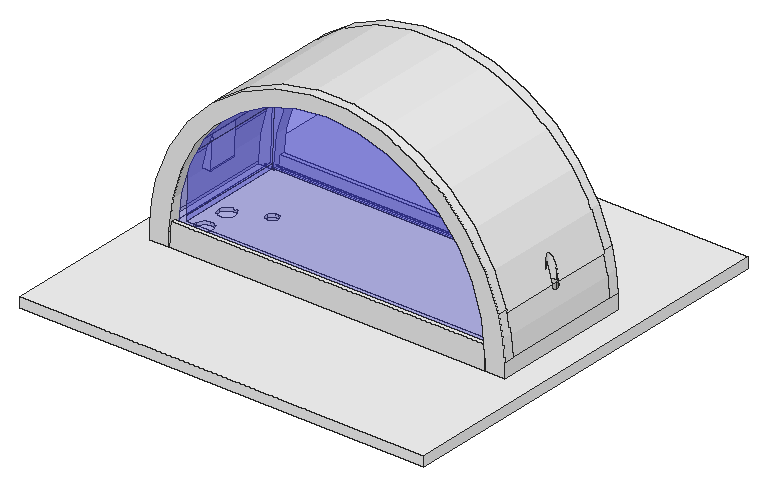
Revit family "BE_33344_de_DE", category Leuchten, Revit 2015
Parameters (values of type "BEGA_33344_Weiß_K4")
  built-in parameter 1150104 = 11.599 (stored number, unit not read)
  Wattage = 16.9 W
  Default Elevation = 0 mm
  built-in parameter 1150113 = 1 (stored number, unit not read)
  built-in parameter 1114218 = 1 (stored number, unit not read)
  Umgebungstemperatur = "25 °C"
  URL = "http://www.bega.de/produkt/33344"
  Typenkommentare = "© 2015 BEGA. Wir behalten uns das Recht vor, technische Änderungen ohne vorherige Ankündigung vorzunehmen."  # constant formula
  Type Image = 33344.png
  built-in parameter 1150134 = 12
  built-in parameter 1150109 = 1 (stored number, unit not read)
  Strom = ""
  built-in parameter 1150110 = 1 (stored number, unit not read)
  Spannung = 0 V
  Sonderanfertigung = no
  Seriennummer [instance] = "Hier können Sie die eindeutige Seriennummer für das Facility Management eintragen."
  Schutzklasse = "I"
  Schutzart = "IP 65"
  Scheinlast = 0 VA
  Produktdatenblatt = "http://www.bega.de/download/datenblaetter/de/33344.pdf"
  Neigungswinkel = 0.00°
  Modell = "33344WK4"
  Material_19 = BEGA_Dummy_matt
  Material_17 = BEGA_Reflektor
  Material_15 = BEGA_Leuchtmedium_matt
  Material_11 = BEGA_Glas_opal
  Material_06 = BEGA_Oberfläche_Edelstahl_gebürstet
  Material_03 = BEGA_Oberfläche_Weiss_matt
  Material_02 = BEGA_Oberfläche_Silber_matt
  Material_01 [instance] = BEGA_Oberfläche_Grafit_matt
  M_W = yes
  M_G = no
  M_A = no
  Logo = 0
  built-in parameter 1114217 = 1 (stored number, unit not read)
  built-in parameter 1150139 = (empty or 0)
  built-in parameter 1150105 = 167.91 (stored number, unit not read)
  built-in parameter 1150114 = 1 (stored number, unit not read)
  Lumens = 2109.96 lm
  built-in parameter 1150115 = 1 (stored number, unit not read)
  Leuchtenlichtstrom = "799 lm"
  Leuchtenanzahl = ""
  Lebensdauerkriterien = "L70 = 50.000 h"
  Lastklassifizierung = Beleuchtung
  built-in parameter 1150112 = 1 (stored number, unit not read)
  Lampenlichtstrom = "2110 lm"
  Lampe = "LED 16.9 W"
  LED_Modulbezeichnung = "LED-0403/840 "
  built-in parameter 1150142 = (empty or 0)
  Hersteller = "BEGA"  # constant formula
  Gewicht = "4.3 kg"
  Frequenz = "0/50-60 Hz"
  Farbwiedergabeindex = "Ra > 80"
  Farbtemperaturverschiebung bei Dämpfen der Lampe = <Keine Auswahl>
  Farbtemperatur = "4000 K"
  Color Filter = 16777215
  built-in parameter 1150133 = 10 (stored number, unit not read)
  Energieeffizienzklasse = "LED A++ - A"
  built-in parameter 1150137 = (empty or 0)
  built-in parameter 1150132 = (empty or 0)
  Dimmbar [instance] = "DALI"
  Datei für fotometrisches Netz = "BE_33344K4.IES"
  CE_Konformität = "ja"
  Bestellnummer = "33344WK4"
  Beschreibung_Sonderanfertigung = "Hier können Sie Informationen zur Sonderanfertigung eintragen."
  Beschreibung = "Wandleuchte"
  built-in parameter 1150106 = 1.6791 (stored number, unit not read)
  Befestigungsbohrung = "Ø 5,5 mm"
  Befestigungsabstand = "220 mm"
  BEGA_Intern_aus = yes
  BEGA_Intern_an = yes
  BEGA_Intern_Konstruktion = yes
  BEGA_Intern = yes
  BEGA_IES = yes
  BEGA_Dummy = no
  Anschlussleistung [instance] = "20 W"
  built-in parameter 1150107 = 4000 (stored number, unit not read)
  built-in parameter 1150102 = (empty or 0)
  built-in parameter 1150138 = (empty or 0)
  Aktualisierung = "2015-11-02T04:09:46"
  AC/DC = "AC/DC"
Types (7, lengths in mm): name | built-in parameter 1150104 | built-in parameter 1150134 | Modell | M_W | M_G | M_A | built-in parameter 1150105 | Lumens | Lampenlichtstrom | LED_Modulbezeichnung | Farbtemperatur | Datei für fotometrisches Netz | Bestellnummer | built-in parameter 1150106 | built-in parameter 1150107
  (no name) | 11.599 (stored number, unit not read) | 12 | "33344WK4" | yes | no | no | 167.91 (stored number, unit not read) | 2109.96 lm | "2110 lm" | "LED-0403/840 " | "4000 K" | "BE_33344K4.IES" | "33344WK4" | 1.6791 (stored number, unit not read) | 4000 (stored number, unit not read)
  BEGA_33344_Weiß_K3 | 10.775 (stored number, unit not read) | (empty or 0) | "33344W" | yes | no | no | 155.98 (stored number, unit not read) | 1960.06 lm | "1960 lm" | "LED-0403/830 " | "3000 K" | "BE_33344.IES" | "33344W" | 1.5598 (stored number, unit not read) | 3000 (stored number, unit not read)
  BEGA_33344_Weiß_K4 | 11.599 (stored number, unit not read) | 12 | "33344WK4" | yes | no | no | 167.91 (stored number, unit not read) | 2109.96 lm | "2110 lm" | "LED-0403/840 " | "4000 K" | "BE_33344K4.IES" | "33344WK4" | 1.6791 (stored number, unit not read) | 4000 (stored number, unit not read)
  BEGA_33344_Grafit_K3 | 10.775 (stored number, unit not read) | (empty or 0) | "33344" | no | yes | no | 155.98 (stored number, unit not read) | 1960.06 lm | "1960 lm" | "LED-0403/830 " | "3000 K" | "BE_33344.IES" | "33344" | 1.5598 (stored number, unit not read) | 3000 (stored number, unit not read)
  BEGA_33344_Silber_K3 | 10.775 (stored number, unit not read) | (empty or 0) | "33344A" | no | no | yes | 155.98 (stored number, unit not read) | 1960.06 lm | "1960 lm" | "LED-0403/830 " | "3000 K" | "BE_33344.IES" | "33344A" | 1.5598 (stored number, unit not read) | 3000 (stored number, unit not read)
  BEGA_33344_Grafit_K4 | 11.599 (stored number, unit not read) | 12 | "33344K4" | no | yes | no | 167.91 (stored number, unit not read) | 2109.96 lm | "2110 lm" | "LED-0403/840 " | "4000 K" | "BE_33344K4.IES" | "33344K4" | 1.6791 (stored number, unit not read) | 4000 (stored number, unit not read)
  BEGA_33344_Silber_K4 | 11.599 (stored number, unit not read) | 12 | "33344AK4" | no | no | yes | 167.91 (stored number, unit not read) | 2109.96 lm | "2110 lm" | "LED-0403/840 " | "4000 K" | "BE_33344K4.IES" | "33344AK4" | 1.6791 (stored number, unit not read) | 4000 (stored number, unit not read)
Reference planes
  plane 1 "Mitte (Vorne/Hinten)": y = 0
  plane 2: z = 0
  plane 3 "Mitte (Links/Rechts)": x = 0
  plane 4 "Links": x = -175.504
  plane 5 "Rechts": x = 175.504
  plane 6 "Unten": y = -70
  plane 7 "Oben": y = 70
  plane 8 "Vorne": z = 186.605
Forms (mm)
  Extrusion 1, solid, material "BEGA_Platte_Weiss"
    sketch origin (0, -1119.2, 0) x (1, 0, 0) y (0, 1, 0)
      loop
        line (-200, 1319.2) -> (-200, 919.2) -> (200, 919.2) -> (200, 1319.2) -> (-200, 1319.2)
    from 0 to -10
  Extrusion 2, solid, material "BEGA_Dummy_matt", visible <- "BEGA_Dummy"
    sketch origin (80.095, -76.023, 0) x (1, 0, 0) y (0, 1, 0)
      loop
        line (-255.599, 146.023) -> (-255.599, 6.023) -> (95.408, 6.023) -> (95.408, 146.023) -> (-255.599, 146.023)
    from 0 to 186.605
Dimensions and locks
  plane 1 "Mitte (Vorne/Hinten)" to Extrusion 1 = 200 mm
  aligned and locked: plane 2 to Extrusion 1
  aligned and locked: level to Extrusion 1
Nested families
  nested 1: "BE_33344_Wandleuchten zweiseitiger Lichtaustritt" at (0, 0, 0), type "BE_33344_Wandleuchten zweiseitiger Lichtaustritt"
    with BEGA_Infotext_Winkel no
Connectors
  electrical at (0, 0, 0), driven by "Lastklassifizierung", driven by "Spannung", driven by "Scheinlast"
    settings: index 1, voltage 0 V, apparent load 0 VA, apparent load phase1 0 VA, apparent load phase2 0 VA, apparent load phase3 0 VA, power factor 1, load classification "Beleuchtung", number of poles 1, system type 31, power factor state 1, is connector primary yes, connector utility no, sub classification motor no, connector description ""
Definition of nested family "BE_33344_Wandleuchten zweiseitiger Lichtaustritt"
  Parameters (values of type "BE_33344_Wandleuchten zweiseitiger Lichtaustritt")
    Default Elevation = 1 mm
    URL = "http://www.bega.de/de/produkt"
    Type Comments = "© 2015 BEGA. Wir behalten uns das Recht vor, technische Änderungen ohne vorherige Ankündigung vorzunehmen. "  # constant formula
    Type Image = Bega_Revit_Typenbild_78x78.png
    Material_19 = none
    Material_17 = none
    Material_15 = none
    Material_11 = none
    Material_09 = none
    Material_06 = none
    Material_03 = none
    Material_02 = none
    Material_01 = none
    M_W = yes
    M_G = yes
    M_A = yes
    Länge_Platte = 400 mm  # constant formula
    Höhe_Platte = -10 mm  # constant formula
    Manufacturer = "BEGA"  # constant formula
    Breite_Platte = 200 mm  # constant formula
    BEGA_Infotext_Winkel [instance] = no
    Aktualisierung = "Stand: 25.03.2015"  # constant formula
  Reference planes
    plane 1 "Mitte (Oben/Unten)": y = 0
    plane 2: z = 0
    plane 3 "Mitte (Links/Rechts)": x = 0
    plane 4 "Oben": y = 70
    plane 5 "Unten": y = -70
    plane 6: x = 175.504
    plane 7: x = -175.504
    plane 8: z = 186.605
  Forms (mm)
    Extrusion 1, solid, detail levels medium
      sketch origin (0, 0, 0) x (1, 0, 0) y (0, 1, 0)
        loop
          line (-200, 100) -> (-200, -100) -> (200, -100) -> (200, 100) -> (-200, 100)
      from 0 to -10 <- "Höhe_Platte"
    Extrusion 2, solid, material <- "Material_01", visible <- "M_G", detail levels medium+fine
      sketch origin (0, 0, 0) x (0, 1, 0) y (0, 0, 1)
        loop
          line (70, 2.5) -> (69.398, 25.5) -> (65.002, 25.5) -> (64.601, 14) -> (-64.601, 14) -> (-65.002, 25.5) -> (-69.398, 25.5) -> (-70, 2.5) -> (-67.4, 2.5) -> (-66.908, 9.54)
          arc (-66.908, 9.54) -> (-66.277, 10.863) -> (-64.913, 11.4) r 2
          line (-64.913, 11.4) -> (64.913, 11.4)
          arc (64.913, 11.4) -> (66.277, 10.863) -> (66.908, 9.54) r 2
          line (66.908, 9.54) -> (67.4, 2.5) -> (70, 2.5)
      from -171.7 to 171.7
    Extrusion 3, void
      sketch origin (0, 0, 0) x (1, 0, 0) y (0, 1, 0)
        loop
          line (-156.214, -66.21) -> (-171.7, -66.21) -> (-171.7, -70) -> (-156.214, -70) -> (-156.214, -66.21)
      from 2.5 to 27
    Extrusion 4, void
      sketch origin (0, 0, 0) x (1, 0, 0) y (0, 1, 0)
        loop
          line (-156.214, 66.21) -> (-156.214, 70) -> (-171.7, 70) -> (-171.7, 66.21) -> (-156.214, 66.21)
      from 2.5 to 27
    Extrusion 5, void
      sketch origin (0, 0, 0) x (-1, 0, 0) y (0, -1, 0)
        loop
          line (-156.214, 66.21) -> (-156.214, 70) -> (-171.7, 70) -> (-171.7, 66.21) -> (-156.214, 66.21)
      from 2.5 to 27
    Extrusion 6, void
      sketch origin (0, 0, 0) x (-1, 0, 0) y (0, -1, 0)
        loop
          line (-156.214, -66.21) -> (-171.7, -66.21) -> (-171.7, -70) -> (-156.214, -70) -> (-156.214, -66.21)
      from 2.5 to 27
    Revolve 7, solid, material <- "Material_01", visible <- "M_G", detail levels medium+fine
      sketch origin (0, 0, 0) x (1, 0, 0) y (0, 0, 1)
        loop
          arc (-118.31, 1.82) -> (-117.668, 0.524) -> (-116.319, 0) r 1.999
          line (-116.319, 0) -> (-112.75, 0) -> (-112.82, 4) -> (-115.5, 4) -> (-115.758, 11.4) -> (-119.147, 11.4) -> (-118.31, 1.82)
        axis (-110, 0) -> (-110, 11.4)
      angle from 0 to 360
    Revolve 8, void
      sketch origin (0, 0, 0) x (1, 0, 0) y (0, 0, 1)
        loop
          line (-110, 14) -> (-115.849, 14) -> (-115.758, 11.4) -> (-110, 11.4) -> (-110, 14)
        axis (-110, 11.4) -> (-110, 14)
      angle from 0 to 360
    Revolve 9, solid, material <- "Material_01", visible <- "M_G", detail levels medium+fine
      sketch origin (0, 0, 0) x (-1, 0, 0) y (0, 0, 1)
        loop
          arc (-118.31, 1.82) -> (-117.668, 0.524) -> (-116.319, 0) r 1.999
          line (-116.319, 0) -> (-112.75, 0) -> (-112.82, 4) -> (-115.5, 4) -> (-115.758, 11.4) -> (-119.147, 11.4) -> (-118.31, 1.82)
        axis (-110, 0) -> (-110, 11.4)
      angle from 0 to 360
    Revolve 10, void
      sketch origin (0, 0, 0) x (-1, 0, 0) y (0, 0, 1)
        loop
          line (-110, 14) -> (-115.849, 14) -> (-115.758, 11.4) -> (-110, 11.4) -> (-110, 14)
        axis (-110, 11.4) -> (-110, 14)
      angle from 0 to 360
    Extrusion 11, solid, material <- "Material_01", visible <- "M_G", detail levels medium+fine
      sketch origin (0, 0, 0) x (1, 0, 0) y (0, 1, 0)
        loop
          circle (-120, 50) r 4
        loop
          circle (-120, -50) r 4
        loop
          circle (120, 50) r 4
        loop
          circle (120, -50) r 4
      from 0 to 11.4
    Extrusion 12, void
      sketch origin (0, 0, 0) x (1, 0, 0) y (0, 1, 0)
        loop
          circle (-142, -16) r 8.5
        loop
          circle (-142, -44) r 8.5
      from 10.613 to 14.713
    Extrusion 13, solid, material <- "Material_01", visible <- "M_G", detail levels medium+fine
      sketch origin (0, 0, 0) x (1, 0, 0) y (0, 0, 1)
        loop
          arc (-175.14, 15.991) -> (-173.63, 34.808) -> (-170.104, 53.354) r 175.2
          arc (-170.104, 53.354) -> (-0.505, 186.605) -> (169.859, 54.334) r 175.2
          arc (169.859, 54.334) -> (173.566, 35.28) -> (175.141, 15.932) r 175.2
          line (175.141, 15.932) -> (175.504, 2.105) -> (172.703, 2.105) -> (172.341, 15.918)
          arc (172.341, 15.918) -> (170.342, 37.964) -> (165.535, 59.572) r 172.4
          arc (165.535, 59.572) -> (103.437, 149.327) -> (-0.116, 183.805) r 172.4
          arc (-0.116, 183.805) -> (-102.07, 150.342) -> (-164.481, 63.055) r 172.4
          arc (-164.481, 63.055) -> (-170.052, 39.76) -> (-172.341, 15.918) r 172.4
          line (-172.341, 15.918) -> (-172.703, 2.105) -> (-175.504, 2.105) -> (-175.14, 15.991)
      from -59.749 to 59.749
    Extrusion 14, solid, material <- "Material_01", visible <- "M_G", detail levels medium+fine
      sketch origin (0, 0, 0) x (1, 0, 0) y (0, 0, 1)
        loop
          line (-175.504, 2.105) -> (-156.214, 2.105) -> (-156.214, 15.991)
          arc (-156.214, 15.991) -> (-110.46, 126.451) -> (0, 172.205) r 156.214
          arc (0, 172.205) -> (110.46, 126.451) -> (156.214, 15.991) r 156.214
          line (156.214, 15.991) -> (156.214, 2.105) -> (175.504, 2.105) -> (175.141, 15.932)
          arc (175.141, 15.932) -> (173.421, 36.312) -> (169.336, 56.352) r 175.2
          arc (169.336, 56.352) -> (0.508, 186.605) -> (-169.073, 57.333) r 175.2
          arc (-169.073, 57.333) -> (-173.343, 36.844) -> (-175.14, 15.991) r 175.2
          line (-175.14, 15.991) -> (-175.504, 2.105)
      from 59.749 to 69.93
    Extrusion 15, solid, material <- "Material_01", visible <- "M_G", detail levels medium+fine
      sketch origin (0, 0, 0) x (1, 0, 0) y (0, 0, -1)
        loop
          line (-175.504, -2.105) -> (-175.14, -15.991)
          arc (-175.14, -15.991) -> (-173.343, -36.844) -> (-169.073, -57.333) r 175.2
          arc (-169.073, -57.333) -> (0.508, -186.605) -> (169.336, -56.352) r 175.2
          arc (169.336, -56.352) -> (173.421, -36.312) -> (175.141, -15.932) r 175.2
          line (175.141, -15.932) -> (175.504, -2.105) -> (156.214, -2.105) -> (156.214, -15.991)
          arc (156.214, -15.991) -> (110.46, -126.451) -> (0, -172.205) r 156.214
          arc (0, -172.205) -> (-110.46, -126.451) -> (-156.214, -15.991) r 156.214
          line (-156.214, -15.991) -> (-156.214, -2.105) -> (-175.504, -2.105)
      from 59.749 to 69.93
    Extrusion 16, solid, material <- "Material_01", visible <- "M_G", detail levels medium+fine
      sketch origin (0, 0, 0) x (1, 0, 0) y (0, 0, 1)
        loop
          arc (-160.466, 43.905) -> (-159.77, 44.187) -> (-159.466, 44.873) r 1
          line (-159.466, 44.873) -> (-158.246, 79.816)
          arc (-158.246, 79.816) -> (-164.759, 62.163) -> (-169.309, 43.905) r 172.4
          line (-169.309, 43.905) -> (-160.466, 43.905)
      from -14 to 14
    Extrusion 17, solid, material <- "Material_01", visible <- "M_G", detail levels medium+fine
      sketch origin (0, 0, 0) x (-1, 0, 0) y (0, 0, -1)
        loop
          line (-160.466, -43.905) -> (-169.309, -43.905)
          arc (-169.309, -43.905) -> (-164.759, -62.163) -> (-158.246, -79.816) r 172.4
          line (-158.246, -79.816) -> (-159.466, -44.873)
          arc (-159.466, -44.873) -> (-159.77, -44.187) -> (-160.466, -43.905) r 1
      from -14 to 14
    Extrusion 18, void
      sketch origin (0, 0, 0) x (1, 0, 0) y (0, 1, 0)
        loop
          arc (-166.499, -4.55) -> (-161.95, 0.001) -> (-166.5, 4.55) r 4.55
          line (-166.5, 4.55) -> (-172.979, 4.55) -> (-172.979, -4.568) -> (-166.499, -4.55)
      from 49.905 to 84.081
    Extrusion 19, void
      sketch origin (0, 0, 0) x (-1, 0, 0) y (0, -1, 0)
        loop
          line (-166.499, 4.55) -> (-172.979, 4.568) -> (-172.979, -4.55) -> (-166.5, -4.55)
          arc (-166.5, -4.55) -> (-161.95, -0.001) -> (-166.499, 4.55) r 4.55
      from 49.905 to 84.081
    Extrusion 20, solid
      sketch origin (0, 0, 0) x (1, 0, 0) y (0, 1, 0)
        loop
          circle (-166.5, 0) r 4.25
      from 49.905 to 54.905
    Extrusion 21, solid, material <- "Material_06", detail levels fine
      sketch origin (0, 0, 0) x (-1, 0, 0) y (0, -1, 0)
        loop
          circle (-166.5, 0) r 4.25
      from 49.905 to 54.905
    Extrusion 22, solid, material <- "Material_11", detail levels medium+fine
      sketch origin (0, 0, 0) x (1, 0, 0) y (0, 0, 1)
        loop
          line (150.404, 77.486) -> (152.34, 23.805) -> (152.34, 18.805) -> (159.239, 18.805) -> (157.089, 78.4)
          arc (157.089, 78.4) -> (0, 182.305) -> (-157.089, 78.4) r 170.7
          line (-157.089, 78.4) -> (-159.239, 18.805) -> (-152.34, 18.805) -> (-152.34, 23.805) -> (-150.404, 77.486)
          arc (-150.404, 77.486) -> (0, 175.805) -> (150.404, 77.486) r 164.2
      from -52.808 to 52.719
    Extrusion 23, solid, material <- "Material_11", detail levels medium+fine
      sketch origin (0, 0, 0) x (1, 0, 0) y (0, 0, 1)
        loop
          arc (157.089, 78.4) -> (0, 182.305) -> (-157.089, 78.4) r 170.7
          line (-157.089, 78.4) -> (-159.239, 18.805) -> (159.239, 18.805) -> (157.089, 78.4)
      from 52.719 to 59.749
    Extrusion 24, solid, material <- "Material_11", detail levels medium+fine
      sketch origin (0, 0, 0) x (1, 0, 0) y (0, 0, -1)
        loop
          line (157.089, -78.4) -> (159.239, -18.805) -> (-159.239, -18.805) -> (-157.089, -78.4)
          arc (-157.089, -78.4) -> (0, -182.305) -> (157.089, -78.4) r 170.7
      from 52.808 to 59.749
    Extrusion 25, solid, material <- "Material_02", visible <- "M_A", detail levels medium+fine
      sketch origin (0, 0, 0) x (1, 0, 0) y (0, 0, 1)
        loop
          arc (-175.14, 15.991) -> (-173.63, 34.808) -> (-170.104, 53.354) r 175.2
          arc (-170.104, 53.354) -> (-0.505, 186.605) -> (169.859, 54.334) r 175.2
          arc (169.859, 54.334) -> (173.566, 35.28) -> (175.141, 15.932) r 175.2
          line (175.141, 15.932) -> (175.504, 2.105) -> (172.703, 2.105) -> (172.341, 15.918)
          arc (172.341, 15.918) -> (170.342, 37.964) -> (165.535, 59.572) r 172.4
          arc (165.535, 59.572) -> (103.437, 149.327) -> (-0.116, 183.805) r 172.4
          arc (-0.116, 183.805) -> (-102.07, 150.342) -> (-164.481, 63.055) r 172.4
          arc (-164.481, 63.055) -> (-170.052, 39.76) -> (-172.341, 15.918) r 172.4
          line (-172.341, 15.918) -> (-172.703, 2.105) -> (-175.504, 2.105) -> (-175.14, 15.991)
      from -59.749 to 59.749
    Extrusion 26, solid, material <- "Material_02", visible <- "M_A", detail levels medium+fine
      sketch origin (0, 0, 0) x (1, 0, 0) y (0, 0, 1)
        loop
          line (-175.504, 2.105) -> (-156.214, 2.105) -> (-156.214, 15.991)
          arc (-156.214, 15.991) -> (-110.46, 126.451) -> (0, 172.205) r 156.214
          arc (0, 172.205) -> (110.46, 126.451) -> (156.214, 15.991) r 156.214
          line (156.214, 15.991) -> (156.214, 2.105) -> (175.504, 2.105) -> (175.141, 15.932)
          arc (175.141, 15.932) -> (173.421, 36.312) -> (169.336, 56.352) r 175.2
          arc (169.336, 56.352) -> (0.508, 186.605) -> (-169.073, 57.333) r 175.2
          arc (-169.073, 57.333) -> (-173.343, 36.844) -> (-175.14, 15.991) r 175.2
          line (-175.14, 15.991) -> (-175.504, 2.105)
      from 59.749 to 69.93
    Extrusion 27, solid, material <- "Material_02", visible <- "M_A", detail levels medium+fine
      sketch origin (0, 0, 0) x (1, 0, 0) y (0, 0, -1)
        loop
          line (-175.504, -2.105) -> (-175.14, -15.991)
          arc (-175.14, -15.991) -> (-173.343, -36.844) -> (-169.073, -57.333) r 175.2
          arc (-169.073, -57.333) -> (0.508, -186.605) -> (169.336, -56.352) r 175.2
          arc (169.336, -56.352) -> (173.421, -36.312) -> (175.141, -15.932) r 175.2
          line (175.141, -15.932) -> (175.504, -2.105) -> (156.214, -2.105) -> (156.214, -15.991)
          arc (156.214, -15.991) -> (110.46, -126.451) -> (0, -172.205) r 156.214
          arc (0, -172.205) -> (-110.46, -126.451) -> (-156.214, -15.991) r 156.214
          line (-156.214, -15.991) -> (-156.214, -2.105) -> (-175.504, -2.105)
      from 59.749 to 69.93
    Extrusion 28, solid, material <- "Material_02", visible <- "M_A", detail levels medium+fine
      sketch origin (0, 0, 0) x (1, 0, 0) y (0, 0, 1)
        loop
          arc (-160.466, 43.905) -> (-159.77, 44.187) -> (-159.466, 44.873) r 1
          line (-159.466, 44.873) -> (-158.246, 79.816)
          arc (-158.246, 79.816) -> (-164.759, 62.163) -> (-169.309, 43.905) r 172.4
          line (-169.309, 43.905) -> (-160.466, 43.905)
      from -14 to 14
    Extrusion 29, solid, material <- "Material_02", visible <- "M_A", detail levels medium+fine
      sketch origin (0, 0, 0) x (-1, 0, 0) y (0, 0, -1)
        loop
          line (-160.466, -43.905) -> (-169.309, -43.905)
          arc (-169.309, -43.905) -> (-164.759, -62.163) -> (-158.246, -79.816) r 172.4
          line (-158.246, -79.816) -> (-159.466, -44.873)
          arc (-159.466, -44.873) -> (-159.77, -44.187) -> (-160.466, -43.905) r 1
      from -14 to 14
    Extrusion 30, solid, material <- "Material_03", visible <- "M_W", detail levels medium+fine
      sketch origin (0, 0, 0) x (1, 0, 0) y (0, 0, 1)
        loop
          arc (-175.14, 15.991) -> (-173.63, 34.808) -> (-170.104, 53.354) r 175.2
          arc (-170.104, 53.354) -> (-0.505, 186.605) -> (169.859, 54.334) r 175.2
          arc (169.859, 54.334) -> (173.566, 35.28) -> (175.141, 15.932) r 175.2
          line (175.141, 15.932) -> (175.504, 2.105) -> (172.703, 2.105) -> (172.341, 15.918)
          arc (172.341, 15.918) -> (170.342, 37.964) -> (165.535, 59.572) r 172.4
          arc (165.535, 59.572) -> (103.437, 149.327) -> (-0.116, 183.805) r 172.4
          arc (-0.116, 183.805) -> (-102.07, 150.342) -> (-164.481, 63.055) r 172.4
          arc (-164.481, 63.055) -> (-170.052, 39.76) -> (-172.341, 15.918) r 172.4
          line (-172.341, 15.918) -> (-172.703, 2.105) -> (-175.504, 2.105) -> (-175.14, 15.991)
      from -59.749 to 59.749
    Extrusion 31, solid, material <- "Material_03", visible <- "M_W", detail levels medium+fine
      sketch origin (0, 0, 0) x (1, 0, 0) y (0, 0, 1)
        loop
          line (-175.504, 2.105) -> (-156.214, 2.105) -> (-156.214, 15.991)
          arc (-156.214, 15.991) -> (-110.46, 126.451) -> (0, 172.205) r 156.214
          arc (0, 172.205) -> (110.46, 126.451) -> (156.214, 15.991) r 156.214
          line (156.214, 15.991) -> (156.214, 2.105) -> (175.504, 2.105) -> (175.141, 15.932)
          arc (175.141, 15.932) -> (173.421, 36.312) -> (169.336, 56.352) r 175.2
          arc (169.336, 56.352) -> (0.508, 186.605) -> (-169.073, 57.333) r 175.2
          arc (-169.073, 57.333) -> (-173.343, 36.844) -> (-175.14, 15.991) r 175.2
          line (-175.14, 15.991) -> (-175.504, 2.105)
      from 59.749 to 69.93
    Extrusion 32, solid, material <- "Material_03", visible <- "M_W", detail levels medium+fine
      sketch origin (0, 0, 0) x (1, 0, 0) y (0, 0, -1)
        loop
          line (-175.504, -2.105) -> (-175.14, -15.991)
          arc (-175.14, -15.991) -> (-173.343, -36.844) -> (-169.073, -57.333) r 175.2
          arc (-169.073, -57.333) -> (0.508, -186.605) -> (169.336, -56.352) r 175.2
          arc (169.336, -56.352) -> (173.421, -36.312) -> (175.141, -15.932) r 175.2
          line (175.141, -15.932) -> (175.504, -2.105) -> (156.214, -2.105) -> (156.214, -15.991)
          arc (156.214, -15.991) -> (110.46, -126.451) -> (0, -172.205) r 156.214
          arc (0, -172.205) -> (-110.46, -126.451) -> (-156.214, -15.991) r 156.214
          line (-156.214, -15.991) -> (-156.214, -2.105) -> (-175.504, -2.105)
      from 59.749 to 69.93
    Extrusion 33, solid, material <- "Material_03", visible <- "M_W", detail levels medium+fine
      sketch origin (0, 0, 0) x (1, 0, 0) y (0, 0, 1)
        loop
          arc (-160.466, 43.905) -> (-159.77, 44.187) -> (-159.466, 44.873) r 1
          line (-159.466, 44.873) -> (-158.246, 79.816)
          arc (-158.246, 79.816) -> (-164.759, 62.163) -> (-169.309, 43.905) r 172.4
          line (-169.309, 43.905) -> (-160.466, 43.905)
      from -14 to 14
    Extrusion 34, solid, material <- "Material_03", visible <- "M_W", detail levels medium+fine
      sketch origin (0, 0, 0) x (-1, 0, 0) y (0, 0, -1)
        loop
          line (-160.466, -43.905) -> (-169.309, -43.905)
          arc (-169.309, -43.905) -> (-164.759, -62.163) -> (-158.246, -79.816) r 172.4
          line (-158.246, -79.816) -> (-159.466, -44.873)
          arc (-159.466, -44.873) -> (-159.77, -44.187) -> (-160.466, -43.905) r 1
      from -14 to 14
    Extrusion 35, solid, material <- "Material_02", visible <- "M_A", detail levels medium+fine
      sketch origin (0, 0, 0) x (0, 1, 0) y (0, 0, 1)
        loop
          line (70, 2.5) -> (69.398, 25.5) -> (65.002, 25.5) -> (64.601, 14) -> (-64.601, 14) -> (-65.002, 25.5) -> (-69.398, 25.5) -> (-70, 2.5) -> (-67.4, 2.5) -> (-66.908, 9.54)
          arc (-66.908, 9.54) -> (-66.277, 10.863) -> (-64.913, 11.4) r 2
          line (-64.913, 11.4) -> (64.913, 11.4)
          arc (64.913, 11.4) -> (66.277, 10.863) -> (66.908, 9.54) r 2
          line (66.908, 9.54) -> (67.4, 2.5) -> (70, 2.5)
      from -171.7 to 171.7
    Revolve 36, solid, material <- "Material_02", visible <- "M_A", detail levels medium+fine
      sketch origin (0, 0, 0) x (1, 0, 0) y (0, 0, 1)
        loop
          arc (-118.31, 1.82) -> (-117.668, 0.524) -> (-116.319, 0) r 1.999
          line (-116.319, 0) -> (-112.75, 0) -> (-112.82, 4) -> (-115.5, 4) -> (-115.758, 11.4) -> (-119.147, 11.4) -> (-118.31, 1.82)
        axis (-110, 0) -> (-110, 11.4)
      angle from 0 to 360
    Revolve 37, solid, material <- "Material_02", visible <- "M_A", detail levels medium+fine
      sketch origin (0, 0, 0) x (-1, 0, 0) y (0, 0, 1)
        loop
          arc (-118.31, 1.82) -> (-117.668, 0.524) -> (-116.319, 0) r 1.999
          line (-116.319, 0) -> (-112.75, 0) -> (-112.82, 4) -> (-115.5, 4) -> (-115.758, 11.4) -> (-119.147, 11.4) -> (-118.31, 1.82)
        axis (-110, 0) -> (-110, 11.4)
      angle from 0 to 360
    Extrusion 38, solid, material <- "Material_02", visible <- "M_A", detail levels medium+fine
      sketch origin (0, 0, 0) x (1, 0, 0) y (0, 1, 0)
        loop
          circle (-120, 50) r 4
        loop
          circle (-120, -50) r 4
        loop
          circle (120, 50) r 4
        loop
          circle (120, -50) r 4
      from 0 to 11.4
    Extrusion 39, solid, material <- "Material_03", visible <- "M_W", detail levels medium+fine
      sketch origin (0, 0, 0) x (0, 1, 0) y (0, 0, 1)
        loop
          line (70, 2.5) -> (69.398, 25.5) -> (65.002, 25.5) -> (64.601, 14) -> (-64.601, 14) -> (-65.002, 25.5) -> (-69.398, 25.5) -> (-70, 2.5) -> (-67.4, 2.5) -> (-66.908, 9.54)
          arc (-66.908, 9.54) -> (-66.277, 10.863) -> (-64.913, 11.4) r 2
          line (-64.913, 11.4) -> (64.913, 11.4)
          arc (64.913, 11.4) -> (66.277, 10.863) -> (66.908, 9.54) r 2
          line (66.908, 9.54) -> (67.4, 2.5) -> (70, 2.5)
      from -171.7 to 171.7
    Revolve 40, solid, material <- "Material_03", visible <- "M_W", detail levels medium+fine
      sketch origin (0, 0, 0) x (1, 0, 0) y (0, 0, 1)
        loop
          arc (-118.31, 1.82) -> (-117.668, 0.524) -> (-116.319, 0) r 1.999
          line (-116.319, 0) -> (-112.75, 0) -> (-112.82, 4) -> (-115.5, 4) -> (-115.758, 11.4) -> (-119.147, 11.4) -> (-118.31, 1.82)
        axis (-110, 0) -> (-110, 11.4)
      angle from 0 to 360
    Revolve 41, solid, material <- "Material_03", visible <- "M_W", detail levels medium+fine
      sketch origin (0, 0, 0) x (-1, 0, 0) y (0, 0, 1)
        loop
          arc (-118.31, 1.82) -> (-117.668, 0.524) -> (-116.319, 0) r 1.999
          line (-116.319, 0) -> (-112.75, 0) -> (-112.82, 4) -> (-115.5, 4) -> (-115.758, 11.4) -> (-119.147, 11.4) -> (-118.31, 1.82)
        axis (-110, 0) -> (-110, 11.4)
      angle from 0 to 360
    Extrusion 42, solid, material <- "Material_03", visible <- "M_W", detail levels medium+fine
      sketch origin (0, 0, 0) x (1, 0, 0) y (0, 1, 0)
        loop
          circle (-120, 50) r 4
        loop
          circle (-120, -50) r 4
        loop
          circle (120, 50) r 4
        loop
          circle (120, -50) r 4
      from 0 to 11.4
  Cuts and joins
    Extrusion 3, Extrusion 4, Extrusion 5, Extrusion 6, Revolve 8, Revolve 10, Extrusion 12, Extrusion 18 cuts Extrusion 2
    Revolve 8, Revolve 10, Extrusion 12, Extrusion 18 cuts Revolve 7
    Extrusion 12, Extrusion 18 cuts Revolve 9
    Extrusion 12, Extrusion 18 cuts Extrusion 11
    joined: Extrusion 2, Revolve 7, Revolve 9, Extrusion 11
    Extrusion 18, Extrusion 19 cuts Extrusion 13
    Extrusion 18, Extrusion 19 cuts Extrusion 14
    Extrusion 18, Extrusion 19 cuts Extrusion 15
    Extrusion 18, Extrusion 19 cuts Extrusion 16
    Extrusion 18, Extrusion 19 cuts Extrusion 17
    joined: Extrusion 13, Extrusion 14, Extrusion 15, Extrusion 16, Extrusion 17
    joined: Extrusion 22, Extrusion 23, Extrusion 24
    Extrusion 18, Extrusion 19 cuts Extrusion 25
    Extrusion 19 cuts Extrusion 29
    joined: Extrusion 25, Extrusion 26, Extrusion 27, Extrusion 29
    Extrusion 18 cuts Extrusion 28
    Extrusion 18, Extrusion 19 cuts Extrusion 30
    Extrusion 19 cuts Extrusion 34
    joined: Extrusion 30, Extrusion 31, Extrusion 32, Extrusion 34
    Extrusion 18 cuts Extrusion 33
    Extrusion 3, Extrusion 4, Extrusion 5, Extrusion 6, Revolve 8, Revolve 10, Extrusion 12 cuts Extrusion 35
    joined: Extrusion 35, Revolve 36, Revolve 37, Extrusion 38
    Extrusion 3, Extrusion 4, Extrusion 5, Extrusion 6, Revolve 8, Revolve 10, Extrusion 12 cuts Extrusion 39
    joined: Extrusion 39, Revolve 40, Revolve 41, Extrusion 42
  Dimensions and locks
    equal spacing: Extrusion 1 sketch curve, plane 3 "Mitte (Links/Rechts)", Extrusion 1 sketch curve
    equal spacing: Extrusion 1 sketch curve, plane 1 "Mitte (Oben/Unten)", Extrusion 1 sketch curve
    "Länge_Platte": Extrusion 1 sketch curve to Extrusion 1 sketch curve
    "Breite_Platte": Extrusion 1 sketch curve to Extrusion 1 sketch curve
    plane 1 "Mitte (Oben/Unten)" to Extrusion 1 = 100 mm  (x3)
    aligned and locked: Extrusion 1 to plane 2
    aligned and locked: Extrusion 1 to level
  Automatic sketch dimensions
    level to Extrusion 2 sketch curve = 2.5 mm  (x2)
    plane 1 "Mitte (Oben/Unten)" to Extrusion 2 sketch curve = 70 mm
    level to Extrusion 2 sketch curve = 25.5 mm
    Extrusion 2 sketch curve to Extrusion 2 sketch curve = 0.602 mm
    Extrusion 2 sketch curve to Extrusion 2 sketch curve = 2.6 mm  (x2)
    Extrusion 2 sketch curve to Extrusion 2 sketch curve = 4.396 mm  (x2)
    Extrusion 2 sketch curve to Extrusion 2 sketch curve = 2.487 mm  (x2)
    level to Extrusion 2 sketch curve = 14 mm
    Extrusion 2 sketch curve to Extrusion 2 sketch curve = 0.312 mm  (x2)
    Extrusion 2 sketch curve to plane 1 "Mitte (Oben/Unten)" = 64.601 mm
    Extrusion 2 sketch curve to Extrusion 2 sketch curve = 0.402 mm
    Extrusion 2 sketch curve to Extrusion 2 sketch curve = 4.6 mm  (x2)
    Extrusion 2 sketch curve to Extrusion 2 sketch curve = 2 mm
    Extrusion 2 sketch curve to Extrusion 2 sketch curve = 11.5 mm
    level to Extrusion 2 sketch curve = 9.54 mm  (x2)
    Extrusion 2 sketch curve to Extrusion 2 sketch curve = 1.995 mm  (x2)
    Extrusion 2 sketch curve to Extrusion 2 sketch curve = 0 mm  (x2)
    Extrusion 3 sketch curve to Extrusion 3 sketch curve = 15.486 mm
    plane 1 "Mitte (Oben/Unten)" to Extrusion 3 sketch curve = 70 mm
    Extrusion 3 sketch curve to Extrusion 3 sketch curve = 3.79 mm
    Extrusion 4 sketch curve to Extrusion 4 sketch curve = 15.486 mm
    plane 1 "Mitte (Oben/Unten)" to Extrusion 4 sketch curve = 70 mm
    Extrusion 4 sketch curve to Extrusion 4 sketch curve = 3.79 mm
    Extrusion 5 sketch curve to Extrusion 5 sketch curve = 15.486 mm
    Extrusion 5 sketch curve to plane 1 "Mitte (Oben/Unten)" = 70 mm
    Extrusion 5 sketch curve to Extrusion 5 sketch curve = 3.79 mm
    Extrusion 6 sketch curve to Extrusion 6 sketch curve = 15.486 mm
    Extrusion 6 sketch curve to plane 1 "Mitte (Oben/Unten)" = 70 mm
    Extrusion 6 sketch curve to Extrusion 6 sketch curve = 3.79 mm
    level to Revolve 7 sketch curve = 11.4 mm
    level to Revolve 7 sketch curve = 1.82 mm
    Revolve 7 sketch curve to Revolve 7 sketch curve = 0.837 mm
    Revolve 7 sketch curve to Revolve 7 sketch curve = 1.991 mm
    Revolve 7 sketch curve to Revolve 7 sketch curve = 3.389 mm
    Revolve 7 sketch curve to Revolve 7 sketch curve = 0.819 mm
    Revolve 7 sketch curve to Revolve 7 sketch curve = 2.68 mm
    level to Revolve 7 sketch curve = 0 mm
    Revolve 7 sketch curve to Revolve 7 sketch curve = 3.569 mm
    level to Revolve 7 sketch curve = 4 mm
    Revolve 7 sketch curve to Revolve 7 sketch curve = 5.758 mm
    Revolve 7 sketch curve to level = 1.4 mm
    Revolve 7 sketch curve to Revolve 7 sketch curve = 4 mm
    Revolve 8 sketch curve to Revolve 8 sketch curve = 0 mm
    Revolve 8 sketch curve to Revolve 8 sketch curve = 5.758 mm
    level to Revolve 8 sketch curve = 14 mm
    Revolve 8 sketch curve to Revolve 8 sketch curve = 0.091 mm
    Revolve 8 sketch curve to Revolve 8 sketch curve = 2.6 mm
    Revolve 8 sketch curve to level = 1.4 mm
    Revolve 8 sketch curve to Revolve 8 sketch curve = 1.4 mm
    Revolve 9 sketch curve to level = 11.4 mm
    Revolve 9 sketch curve to level = 1.82 mm
    Revolve 9 sketch curve to Revolve 9 sketch curve = 0.837 mm
    Revolve 9 sketch curve to Revolve 9 sketch curve = 1.991 mm
    Revolve 9 sketch curve to Revolve 9 sketch curve = 3.389 mm
    Revolve 9 sketch curve to Revolve 9 sketch curve = 0.819 mm
    Revolve 9 sketch curve to Revolve 9 sketch curve = 2.68 mm
    Revolve 9 sketch curve to level = 0 mm
    Revolve 9 sketch curve to Revolve 9 sketch curve = 3.569 mm
    Revolve 9 sketch curve to level = 4 mm
    Revolve 9 sketch curve to Revolve 9 sketch curve = 5.758 mm
    level to Revolve 9 sketch curve = 1.4 mm
    Revolve 9 sketch curve to Revolve 9 sketch curve = 4 mm
    Revolve 10 sketch curve to level = 14 mm
    Revolve 10 sketch curve to level = 11.4 mm
    Revolve 10 sketch curve to Revolve 10 sketch curve = 0.091 mm
    Revolve 10 sketch curve to Revolve 10 sketch curve = 5.849 mm
    level to Revolve 10 sketch curve = 1.4 mm
    Revolve 10 sketch curve to Revolve 10 sketch curve = 0 mm
    Revolve 10 sketch curve to Revolve 10 sketch curve = 1.4 mm
    plane 1 "Mitte (Oben/Unten)" to Extrusion 11 sketch curve = 50 mm  (x2)
    Extrusion 11 sketch curve to plane 1 "Mitte (Oben/Unten)" = 50 mm  (x2)
    Extrusion 12 sketch curve to Extrusion 12 sketch curve = 0 mm
    plane 1 "Mitte (Oben/Unten)" to Extrusion 12 sketch curve = 44 mm
    plane 1 "Mitte (Oben/Unten)" to Extrusion 12 sketch curve = 16 mm
    Extrusion 13 sketch curve to Extrusion 13 sketch curve = 0 mm  (x18)
    Extrusion 13 sketch curve to plane 3 "Mitte (Links/Rechts)" = 0 mm
    level to Extrusion 13 sketch curve = 2.105 mm  (x2)
    Extrusion 13 sketch curve to Extrusion 13 sketch curve = 2.801 mm  (x3)
    Extrusion 13 sketch curve to Extrusion 13 sketch curve = 2.439 mm
    level to Extrusion 13 sketch curve = 11.405 mm
    Extrusion 13 sketch curve to Extrusion 13 sketch curve = 13.827 mm
    Extrusion 13 sketch curve to plane 3 "Mitte (Links/Rechts)" = 0.116 mm
    Extrusion 13 sketch curve to Extrusion 13 sketch curve = 5.623 mm
    Extrusion 13 sketch curve to Extrusion 13 sketch curve = 0.362 mm
    Extrusion 13 sketch curve to Extrusion 13 sketch curve = 2.799 mm
    Extrusion 13 sketch curve to Extrusion 13 sketch curve = 4.325 mm
    Extrusion 13 sketch curve to Extrusion 13 sketch curve = 0.014 mm
    Extrusion 14 sketch curve to Extrusion 14 sketch curve = 0 mm  (x7)
    Extrusion 14 sketch curve to plane 3 "Mitte (Links/Rechts)" = 0 mm  (x2)
    level to Extrusion 14 sketch curve = 15.991 mm
    level to Extrusion 14 sketch curve = 2.105 mm  (x2)
    Extrusion 14 sketch curve to Extrusion 14 sketch curve = 19.29 mm
    Extrusion 14 sketch curve to Extrusion 14 sketch curve = 18.928 mm
    Extrusion 14 sketch curve to Extrusion 14 sketch curve = 0.362 mm
    Extrusion 14 sketch curve to Extrusion 14 sketch curve = 4.586 mm
    Extrusion 14 sketch curve to Extrusion 14 sketch curve = 13.827 mm
    Extrusion 14 sketch curve to Extrusion 14 sketch curve = 0.364 mm
    Extrusion 15 sketch curve to Extrusion 15 sketch curve = 0 mm  (x7)
    Extrusion 15 sketch curve to plane 3 "Mitte (Links/Rechts)" = 0 mm  (x2)
    level to Extrusion 15 sketch curve = 15.991 mm
    level to Extrusion 15 sketch curve = 2.105 mm  (x2)
    Extrusion 15 sketch curve to Extrusion 15 sketch curve = 19.29 mm
    Extrusion 15 sketch curve to Extrusion 15 sketch curve = 18.928 mm
    Extrusion 15 sketch curve to Extrusion 15 sketch curve = 0.362 mm
    Extrusion 15 sketch curve to Extrusion 15 sketch curve = 13.827 mm
    Extrusion 15 sketch curve to Extrusion 15 sketch curve = 4.586 mm
    Extrusion 15 sketch curve to Extrusion 15 sketch curve = 0.364 mm
    Extrusion 16 sketch curve to plane 3 "Mitte (Links/Rechts)" = 0 mm
    Extrusion 16 sketch curve to Extrusion 16 sketch curve = 1.22 mm
    Extrusion 16 sketch curve to Extrusion 16 sketch curve = 0.999 mm
    Extrusion 16 sketch curve to Extrusion 16 sketch curve = 8.843 mm
    level to Extrusion 16 sketch curve = 11.405 mm
    level to Extrusion 16 sketch curve = 43.905 mm
    Extrusion 16 sketch curve to Extrusion 16 sketch curve = 0.967 mm
    Extrusion 17 sketch curve to plane 3 "Mitte (Links/Rechts)" = 0 mm
    Extrusion 17 sketch curve to Extrusion 17 sketch curve = 1.22 mm
    Extrusion 17 sketch curve to Extrusion 17 sketch curve = 0.999 mm
    Extrusion 17 sketch curve to Extrusion 17 sketch curve = 8.843 mm
    Extrusion 17 sketch curve to level = 11.405 mm
    Extrusion 17 sketch curve to level = 43.905 mm
    Extrusion 17 sketch curve to Extrusion 17 sketch curve = 0.967 mm
    plane 1 "Mitte (Oben/Unten)" to Extrusion 18 sketch curve = 4.568 mm
    Extrusion 18 sketch curve to plane 1 "Mitte (Oben/Unten)" = 0 mm
    Extrusion 18 sketch curve to Extrusion 18 sketch curve = 6.479 mm
    plane 1 "Mitte (Oben/Unten)" to Extrusion 18 sketch curve = 4.55 mm
    Extrusion 18 sketch curve to Extrusion 18 sketch curve = 0.001 mm
    Extrusion 18 sketch curve to plane 1 "Mitte (Oben/Unten)" = 4.55 mm
    Extrusion 18 sketch curve to Extrusion 18 sketch curve = 0 mm  (x2)
    Extrusion 19 sketch curve to plane 1 "Mitte (Oben/Unten)" = 4.568 mm
    plane 1 "Mitte (Oben/Unten)" to Extrusion 19 sketch curve = 0 mm
    Extrusion 19 sketch curve to Extrusion 19 sketch curve = 6.479 mm
    Extrusion 19 sketch curve to plane 1 "Mitte (Oben/Unten)" = 4.55 mm
    Extrusion 19 sketch curve to Extrusion 19 sketch curve = 0.001 mm
    plane 1 "Mitte (Oben/Unten)" to Extrusion 19 sketch curve = 4.55 mm
    Extrusion 19 sketch curve to Extrusion 19 sketch curve = 0 mm  (x2)
    plane 1 "Mitte (Oben/Unten)" to Extrusion 20 sketch curve = 0 mm
    plane 1 "Mitte (Oben/Unten)" to Extrusion 21 sketch curve = 0 mm
    Extrusion 22 sketch curve to Extrusion 22 sketch curve = 0 mm  (x2)
    Extrusion 22 sketch curve to plane 3 "Mitte (Links/Rechts)" = 0 mm
    level to Extrusion 22 sketch curve = 23.805 mm  (x2)
    Extrusion 22 sketch curve to Extrusion 22 sketch curve = 6.685 mm  (x2)
    Extrusion 22 sketch curve to Extrusion 22 sketch curve = 6.899 mm  (x2)
    level to Extrusion 22 sketch curve = 18.805 mm
    level to Extrusion 22 sketch curve = 11.605 mm
    Extrusion 22 sketch curve to Extrusion 22 sketch curve = 5 mm
    Extrusion 22 sketch curve to Extrusion 22 sketch curve = 53.681 mm
    Extrusion 22 sketch curve to Extrusion 22 sketch curve = 0.913 mm
    Extrusion 23 sketch curve to plane 3 "Mitte (Links/Rechts)" = 0 mm
    level to Extrusion 23 sketch curve = 18.805 mm
    level to Extrusion 23 sketch curve = 11.605 mm
    Extrusion 23 sketch curve to Extrusion 23 sketch curve = 59.594 mm
    Extrusion 24 sketch curve to plane 3 "Mitte (Links/Rechts)" = 0 mm
    level to Extrusion 24 sketch curve = 18.805 mm
    Extrusion 24 sketch curve to Extrusion 24 sketch curve = 59.594 mm
    level to Extrusion 24 sketch curve = 11.605 mm
    Extrusion 3 sketch curve to plane 3 "Mitte (Links/Rechts)" = 171.7 mm
    plane 3 "Mitte (Links/Rechts)" to Extrusion 4 sketch curve = 171.7 mm
    Revolve 7 sketch curve to plane 3 "Mitte (Links/Rechts)" = 119.147 mm
    Extrusion 11 sketch curve to plane 3 "Mitte (Links/Rechts)" = 120 mm
    Extrusion 11 sketch curve to Extrusion 11 sketch curve = 0 mm  (x2)
    Extrusion 12 sketch curve to plane 3 "Mitte (Links/Rechts)" = 142 mm
    Extrusion 13 sketch curve to plane 3 "Mitte (Links/Rechts)" = 172.703 mm
    Extrusion 13 sketch curve to Extrusion 13 sketch curve = 7.86 mm
    Extrusion 14 sketch curve to plane 3 "Mitte (Links/Rechts)" = 156.214 mm
    Extrusion 14 sketch curve to Extrusion 14 sketch curve = 6.067 mm
    Extrusion 15 sketch curve to plane 3 "Mitte (Links/Rechts)" = 156.214 mm
    Extrusion 15 sketch curve to Extrusion 15 sketch curve = 6.067 mm
    level to Extrusion 16 sketch curve = 79.816 mm
    Extrusion 18 sketch curve to plane 3 "Mitte (Links/Rechts)" = 172.979 mm
    Extrusion 20 sketch curve to plane 3 "Mitte (Links/Rechts)" = 166.5 mm
    Extrusion 22 sketch curve to plane 3 "Mitte (Links/Rechts)" = 150.404 mm
    Extrusion 22 sketch curve to Extrusion 22 sketch curve = 1.936 mm  (x2)
    Extrusion 23 sketch curve to plane 3 "Mitte (Links/Rechts)" = 157.089 mm
    Extrusion 23 sketch curve to Extrusion 23 sketch curve = 2.15 mm  (x2)
    Extrusion 24 sketch curve to plane 3 "Mitte (Links/Rechts)" = 157.089 mm
    Extrusion 24 sketch curve to Extrusion 24 sketch curve = 2.15 mm  (x2)
    Extrusion 5 sketch curve to plane 3 "Mitte (Links/Rechts)" = 171.7 mm
    plane 3 "Mitte (Links/Rechts)" to Extrusion 6 sketch curve = 171.7 mm
    Revolve 9 sketch curve to plane 3 "Mitte (Links/Rechts)" = 119.147 mm
    Revolve 10 sketch curve to plane 3 "Mitte (Links/Rechts)" = 115.849 mm
    plane 3 "Mitte (Links/Rechts)" to Extrusion 11 sketch curve = 120 mm
    plane 3 "Mitte (Links/Rechts)" to Extrusion 13 sketch curve = 172.703 mm
    Extrusion 13 sketch curve to Extrusion 13 sketch curve = 6.806 mm
    Extrusion 14 sketch curve to Extrusion 14 sketch curve = 5.805 mm
    Extrusion 15 sketch curve to Extrusion 15 sketch curve = 5.805 mm
    Extrusion 17 sketch curve to level = 79.816 mm
    Extrusion 19 sketch curve to plane 3 "Mitte (Links/Rechts)" = 172.979 mm
    Extrusion 21 sketch curve to plane 3 "Mitte (Links/Rechts)" = 166.5 mm
    level to Extrusion 22 sketch curve = 77.486 mm
    level to Extrusion 23 sketch curve = 78.4 mm
    level to Extrusion 24 sketch curve = 78.4 mm
    plane 7 to Revolve 8 sketch curve = 59.654 mm
    Extrusion 25 sketch curve to Extrusion 25 sketch curve = 0 mm  (x48)
    Extrusion 25 sketch curve to plane 3 "Mitte (Links/Rechts)" = 0 mm
    plane 6 to Extrusion 25 sketch curve = 0 mm
    plane 7 to Extrusion 25 sketch curve = 2.801 mm
    plane 7 to Extrusion 25 sketch curve = 0 mm
    plane 6 to Extrusion 25 sketch curve = 2.801 mm
    plane 6 to Extrusion 25 sketch curve = 0.362 mm
    level to Extrusion 25 sketch curve = 2.105 mm  (x2)
    level to Extrusion 25 sketch curve = 11.405 mm
    Extrusion 25 sketch curve to Extrusion 25 sketch curve = 13.827 mm
    Extrusion 25 sketch curve to plane 3 "Mitte (Links/Rechts)" = 0.116 mm
    plane 7 to Extrusion 25 sketch curve = 11.022 mm
    plane 7 to Extrusion 25 sketch curve = 5.4 mm
    plane 7 to Extrusion 25 sketch curve = 3.163 mm
    plane 7 to Extrusion 25 sketch curve = 0.364 mm
    plane 6 to Extrusion 25 sketch curve = 9.969 mm
    plane 6 to Extrusion 25 sketch curve = 5.644 mm
    Extrusion 25 sketch curve to Extrusion 25 sketch curve = 2.801 mm
    Extrusion 25 sketch curve to Extrusion 25 sketch curve = 0.014 mm
    Extrusion 26 sketch curve to Extrusion 26 sketch curve = 0 mm  (x10)
    Extrusion 26 sketch curve to plane 3 "Mitte (Links/Rechts)" = 0 mm  (x2)
    plane 6 to Extrusion 26 sketch curve = 0 mm
    plane 7 to Extrusion 26 sketch curve = 19.29 mm
    plane 7 to Extrusion 26 sketch curve = 0 mm
    plane 6 to Extrusion 26 sketch curve = 0.362 mm
    level to Extrusion 26 sketch curve = 2.105 mm  (x2)
    level to Extrusion 26 sketch curve = 11.405 mm
    Extrusion 26 sketch curve to Extrusion 26 sketch curve = 13.827 mm
    Extrusion 26 sketch curve to Extrusion 26 sketch curve = 13.886 mm
    plane 7 to Extrusion 26 sketch curve = 6.431 mm
    plane 7 to Extrusion 26 sketch curve = 0.364 mm
    plane 6 to Extrusion 26 sketch curve = 6.167 mm
    Extrusion 27 sketch curve to Extrusion 27 sketch curve = 0 mm  (x10)
    Extrusion 27 sketch curve to plane 3 "Mitte (Links/Rechts)" = 0 mm  (x2)
    plane 6 to Extrusion 27 sketch curve = 0 mm
    plane 7 to Extrusion 27 sketch curve = 19.29 mm
    plane 7 to Extrusion 27 sketch curve = 0 mm
    plane 6 to Extrusion 27 sketch curve = 0.362 mm
    level to Extrusion 27 sketch curve = 15.991 mm
    level to Extrusion 27 sketch curve = 15.932 mm
    Extrusion 27 sketch curve to Extrusion 27 sketch curve = 4.586 mm
    level to Extrusion 27 sketch curve = 2.105 mm  (x2)
    plane 7 to Extrusion 27 sketch curve = 6.431 mm
    plane 7 to Extrusion 27 sketch curve = 0.364 mm
    plane 6 to Extrusion 27 sketch curve = 6.167 mm
    Extrusion 28 sketch curve to plane 3 "Mitte (Links/Rechts)" = 0 mm
    plane 7 to Extrusion 28 sketch curve = 17.258 mm
    plane 7 to Extrusion 28 sketch curve = 16.037 mm
    Extrusion 28 sketch curve to Extrusion 28 sketch curve = 0.999 mm
    plane 7 to Extrusion 28 sketch curve = 6.195 mm
    level to Extrusion 28 sketch curve = 11.405 mm
    level to Extrusion 28 sketch curve = 43.905 mm
    Extrusion 28 sketch curve to Extrusion 28 sketch curve = 0.967 mm
    Extrusion 29 sketch curve to plane 3 "Mitte (Links/Rechts)" = 0 mm
    Extrusion 29 sketch curve to plane 6 = 17.258 mm
    Extrusion 29 sketch curve to plane 6 = 16.037 mm
    Extrusion 29 sketch curve to Extrusion 29 sketch curve = 0.999 mm
    Extrusion 29 sketch curve to plane 6 = 6.195 mm
    Extrusion 29 sketch curve to level = 11.405 mm
    Extrusion 29 sketch curve to level = 43.905 mm
    Extrusion 29 sketch curve to Extrusion 29 sketch curve = 0.967 mm
    Extrusion 30 sketch curve to Extrusion 30 sketch curve = 0 mm  (x48)
    Extrusion 30 sketch curve to plane 3 "Mitte (Links/Rechts)" = 0 mm
    plane 6 to Extrusion 30 sketch curve = 0 mm
    plane 7 to Extrusion 30 sketch curve = 2.801 mm
    plane 7 to Extrusion 30 sketch curve = 0 mm
    plane 6 to Extrusion 30 sketch curve = 2.801 mm
    plane 6 to Extrusion 30 sketch curve = 0.362 mm
    level to Extrusion 30 sketch curve = 2.105 mm  (x2)
    level to Extrusion 30 sketch curve = 11.405 mm
    Extrusion 30 sketch curve to Extrusion 30 sketch curve = 13.827 mm
    Extrusion 30 sketch curve to plane 3 "Mitte (Links/Rechts)" = 0.116 mm
    plane 7 to Extrusion 30 sketch curve = 11.022 mm
    plane 7 to Extrusion 30 sketch curve = 5.4 mm
    plane 7 to Extrusion 30 sketch curve = 3.163 mm
    plane 7 to Extrusion 30 sketch curve = 0.364 mm
    plane 6 to Extrusion 30 sketch curve = 9.969 mm
    plane 6 to Extrusion 30 sketch curve = 5.644 mm
    Extrusion 30 sketch curve to Extrusion 30 sketch curve = 2.801 mm
    Extrusion 30 sketch curve to Extrusion 30 sketch curve = 0.014 mm
    Extrusion 31 sketch curve to Extrusion 31 sketch curve = 0 mm  (x10)
    Extrusion 31 sketch curve to plane 3 "Mitte (Links/Rechts)" = 0 mm  (x2)
    plane 6 to Extrusion 31 sketch curve = 0 mm
    plane 7 to Extrusion 31 sketch curve = 19.29 mm
    plane 7 to Extrusion 31 sketch curve = 0 mm
    plane 6 to Extrusion 31 sketch curve = 0.362 mm
    level to Extrusion 31 sketch curve = 2.105 mm  (x2)
    level to Extrusion 31 sketch curve = 11.405 mm
    Extrusion 31 sketch curve to Extrusion 31 sketch curve = 13.827 mm
    Extrusion 31 sketch curve to Extrusion 31 sketch curve = 13.886 mm
    plane 7 to Extrusion 31 sketch curve = 6.431 mm
    plane 7 to Extrusion 31 sketch curve = 0.364 mm
    plane 6 to Extrusion 31 sketch curve = 6.167 mm
    Extrusion 32 sketch curve to Extrusion 32 sketch curve = 0 mm  (x10)
    Extrusion 32 sketch curve to plane 3 "Mitte (Links/Rechts)" = 0 mm  (x2)
    plane 6 to Extrusion 32 sketch curve = 0 mm
    plane 7 to Extrusion 32 sketch curve = 19.29 mm
    plane 7 to Extrusion 32 sketch curve = 0 mm
    plane 6 to Extrusion 32 sketch curve = 0.362 mm
    level to Extrusion 32 sketch curve = 15.991 mm
    level to Extrusion 32 sketch curve = 15.932 mm
    Extrusion 32 sketch curve to Extrusion 32 sketch curve = 4.586 mm
    level to Extrusion 32 sketch curve = 2.105 mm  (x2)
    plane 7 to Extrusion 32 sketch curve = 6.431 mm
    plane 7 to Extrusion 32 sketch curve = 0.364 mm
    plane 6 to Extrusion 32 sketch curve = 6.167 mm
    Extrusion 33 sketch curve to plane 3 "Mitte (Links/Rechts)" = 0 mm
    plane 7 to Extrusion 33 sketch curve = 17.258 mm
    plane 7 to Extrusion 33 sketch curve = 16.037 mm
    Extrusion 33 sketch curve to Extrusion 33 sketch curve = 0.999 mm
    plane 7 to Extrusion 33 sketch curve = 6.195 mm
    level to Extrusion 33 sketch curve = 11.405 mm
    level to Extrusion 33 sketch curve = 43.905 mm
    Extrusion 33 sketch curve to Extrusion 33 sketch curve = 0.967 mm
    Extrusion 34 sketch curve to plane 3 "Mitte (Links/Rechts)" = 0 mm
    Extrusion 34 sketch curve to plane 6 = 17.258 mm
    Extrusion 34 sketch curve to plane 6 = 16.037 mm
    Extrusion 34 sketch curve to Extrusion 34 sketch curve = 0.999 mm
    Extrusion 34 sketch curve to plane 6 = 6.195 mm
    Extrusion 34 sketch curve to level = 11.405 mm
    Extrusion 34 sketch curve to level = 43.905 mm
    Extrusion 34 sketch curve to Extrusion 34 sketch curve = 0.967 mm
    Extrusion 35 sketch curve to plane 5 "Unten" = 0 mm
    Extrusion 35 sketch curve to plane 4 "Oben" = 0 mm
    plane 5 "Unten" to Extrusion 35 sketch curve = 0.602 mm
    Extrusion 35 sketch curve to Extrusion 35 sketch curve = 2.6 mm  (x2)
    Extrusion 35 sketch curve to Extrusion 35 sketch curve = 4.396 mm
    plane 5 "Unten" to Extrusion 35 sketch curve = 5.087 mm
    Extrusion 35 sketch curve to Extrusion 35 sketch curve = 0.312 mm  (x2)
    Extrusion 35 sketch curve to plane 4 "Oben" = 5.399 mm
    Extrusion 35 sketch curve to plane 4 "Oben" = 4.998 mm
    Extrusion 35 sketch curve to plane 4 "Oben" = 2.6 mm
    Extrusion 35 sketch curve to plane 4 "Oben" = 0.602 mm
    level to Extrusion 35 sketch curve = 2.5 mm  (x2)
    Extrusion 35 sketch curve to Extrusion 35 sketch curve = 6.9 mm  (x2)
    Extrusion 35 sketch curve to Extrusion 35 sketch curve = 2 mm
    Extrusion 35 sketch curve to Extrusion 35 sketch curve = 11.5 mm  (x2)
    Extrusion 35 sketch curve to Extrusion 35 sketch curve = 1.995 mm  (x2)
    Extrusion 35 sketch curve to Extrusion 35 sketch curve = 0 mm  (x4)
    level to Revolve 36 sketch curve = 11.4 mm
    plane 7 to Revolve 36 sketch curve = 56.356 mm
    level to Revolve 36 sketch curve = 1.82 mm
    Revolve 36 sketch curve to Revolve 36 sketch curve = 0.837 mm
    Revolve 36 sketch curve to Revolve 36 sketch curve = 1.991 mm
    Revolve 36 sketch curve to Revolve 36 sketch curve = 3.389 mm
    Revolve 36 sketch curve to Revolve 36 sketch curve = 0.819 mm
    Revolve 36 sketch curve to Revolve 36 sketch curve = 2.68 mm
    level to Revolve 36 sketch curve = 0 mm
    Revolve 36 sketch curve to Revolve 36 sketch curve = 3.569 mm
    level to Revolve 36 sketch curve = 4 mm
    Revolve 36 sketch curve to Revolve 36 sketch curve = 5.758 mm
    Revolve 36 sketch curve to level = 1.4 mm
    Revolve 36 sketch curve to Revolve 36 sketch curve = 4 mm
    Revolve 37 sketch curve to level = 11.4 mm
    Revolve 37 sketch curve to plane 6 = 56.356 mm
    Revolve 37 sketch curve to level = 1.82 mm
    Revolve 37 sketch curve to Revolve 37 sketch curve = 0.837 mm
    Revolve 37 sketch curve to Revolve 37 sketch curve = 1.991 mm
    Revolve 37 sketch curve to Revolve 37 sketch curve = 3.389 mm
    Revolve 37 sketch curve to Revolve 37 sketch curve = 0.819 mm
    Revolve 37 sketch curve to Revolve 37 sketch curve = 2.68 mm
    Revolve 37 sketch curve to level = 0 mm
    Revolve 37 sketch curve to Revolve 37 sketch curve = 3.569 mm
    Revolve 37 sketch curve to level = 4 mm
    Revolve 37 sketch curve to Revolve 37 sketch curve = 5.758 mm
    level to Revolve 37 sketch curve = 1.4 mm
    Revolve 37 sketch curve to Revolve 37 sketch curve = 4 mm
    plane 5 "Unten" to Extrusion 38 sketch curve = 20 mm  (x2)
    plane 7 to Extrusion 38 sketch curve = 55.504 mm  (x2)
    Extrusion 38 sketch curve to plane 4 "Oben" = 20 mm  (x2)
    plane 6 to Extrusion 38 sketch curve = 55.504 mm  (x2)
    Extrusion 39 sketch curve to plane 5 "Unten" = 0 mm
    Extrusion 39 sketch curve to plane 4 "Oben" = 0 mm
    plane 5 "Unten" to Extrusion 39 sketch curve = 0.602 mm
    Extrusion 39 sketch curve to Extrusion 39 sketch curve = 2.6 mm  (x2)
    Extrusion 39 sketch curve to Extrusion 39 sketch curve = 4.396 mm
    plane 5 "Unten" to Extrusion 39 sketch curve = 5.087 mm
    Extrusion 39 sketch curve to Extrusion 39 sketch curve = 0.312 mm  (x2)
    Extrusion 39 sketch curve to plane 4 "Oben" = 5.399 mm
    Extrusion 39 sketch curve to plane 4 "Oben" = 4.998 mm
    Extrusion 39 sketch curve to plane 4 "Oben" = 2.6 mm
    Extrusion 39 sketch curve to plane 4 "Oben" = 0.602 mm
    level to Extrusion 39 sketch curve = 2.5 mm  (x2)
    Extrusion 39 sketch curve to Extrusion 39 sketch curve = 6.9 mm  (x2)
    Extrusion 39 sketch curve to Extrusion 39 sketch curve = 2 mm
    Extrusion 39 sketch curve to Extrusion 39 sketch curve = 11.5 mm  (x2)
    Extrusion 39 sketch curve to Extrusion 39 sketch curve = 1.995 mm  (x2)
    Extrusion 39 sketch curve to Extrusion 39 sketch curve = 0 mm  (x4)
    level to Revolve 40 sketch curve = 11.4 mm
    plane 7 to Revolve 40 sketch curve = 56.356 mm
    level to Revolve 40 sketch curve = 1.82 mm
    Revolve 40 sketch curve to Revolve 40 sketch curve = 0.837 mm
    Revolve 40 sketch curve to Revolve 40 sketch curve = 1.991 mm
    Revolve 40 sketch curve to Revolve 40 sketch curve = 3.389 mm
    Revolve 40 sketch curve to Revolve 40 sketch curve = 0.819 mm
    Revolve 40 sketch curve to Revolve 40 sketch curve = 2.68 mm
    level to Revolve 40 sketch curve = 0 mm
    Revolve 40 sketch curve to Revolve 40 sketch curve = 3.569 mm
    level to Revolve 40 sketch curve = 4 mm
    Revolve 40 sketch curve to Revolve 40 sketch curve = 5.758 mm
    Revolve 40 sketch curve to level = 1.4 mm
    Revolve 40 sketch curve to Revolve 40 sketch curve = 4 mm
    Revolve 41 sketch curve to level = 11.4 mm
    Revolve 41 sketch curve to plane 6 = 56.356 mm
    Revolve 41 sketch curve to level = 1.82 mm
    Revolve 41 sketch curve to Revolve 41 sketch curve = 0.837 mm
    Revolve 41 sketch curve to Revolve 41 sketch curve = 1.991 mm
    Revolve 41 sketch curve to Revolve 41 sketch curve = 3.389 mm
    Revolve 41 sketch curve to Revolve 41 sketch curve = 0.819 mm
    Revolve 41 sketch curve to Revolve 41 sketch curve = 2.68 mm
    Revolve 41 sketch curve to level = 0 mm
    Revolve 41 sketch curve to Revolve 41 sketch curve = 3.569 mm
    Revolve 41 sketch curve to level = 4 mm
    Revolve 41 sketch curve to Revolve 41 sketch curve = 5.758 mm
    level to Revolve 41 sketch curve = 1.4 mm
    Revolve 41 sketch curve to Revolve 41 sketch curve = 4 mm
    plane 5 "Unten" to Extrusion 42 sketch curve = 20 mm  (x2)
    plane 7 to Extrusion 42 sketch curve = 55.504 mm  (x2)
    Extrusion 42 sketch curve to plane 4 "Oben" = 20 mm  (x2)
    plane 6 to Extrusion 42 sketch curve = 55.504 mm  (x2)
    radius of Extrusion 11 sketch curve = 4 mm  (x4)
    radius of Extrusion 12 sketch curve = 8.5 mm  (x2)
    radius of Extrusion 20 sketch curve = 4.25 mm
    radius of Extrusion 21 sketch curve = 4.25 mm
    radius of Extrusion 38 sketch curve = 4 mm  (x4)
    radius of Extrusion 42 sketch curve = 4 mm  (x4)
